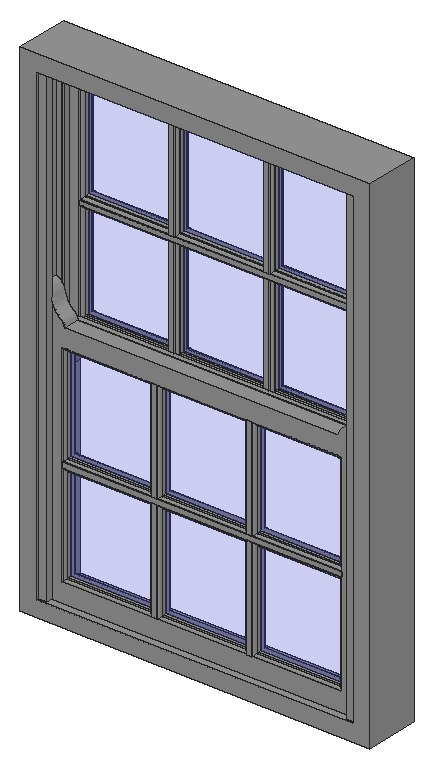
Revit family "HMEL2SP", category Windows, host Wall, Revit 2015
Parameters (values of type "HMEL2SP")
  Height = 1300 mm
  Default Lintel Height = 2100 mm
  Wall Closure = By host
  Width = 900 mm
Reference planes
  plane 1 "Center (Front/Back)": y = 0
  plane 2 "Center (Left/Right)": x = 0
  plane 3 "Left": x = -450
  plane 4 "Right": x = 450
  plane 5 "Sill": z = 800
  plane 6 "Head": z = 2100
  plane 7 "Exterior": y = 100
  plane 8 "Interior": y = -100
  plane 9: y = -28.5
  plane 10: y = 23.5
  plane 11: z = 1450
  plane 12: z = 1478.5
  plane 13: z = 1421.5
Forms (mm)
  Sweep 1, solid, material "Lauan, Meranti"
    path origin (-10500, 23.5, 2100) x (0, 0, -1) y (-1, 0, 0)
      loop
        line (0, -10950) -> (1300, -10950) -> (1300, -10050) -> (0, -10050) -> (0, -10950)
    profile origin (0, 23.5, 2100) x (0, 0, 1) y (0, 1, 0)
      loop
        line (0, 46.5) -> (-42, 46.5) -> (-42, -93.5) -> (0, -93.5) -> (0, 46.5)
  Sweep 2, solid, material "Lauan, Meranti"
    path origin (-10450, 31, 1912.5) x (0, 0, -1) y (-1, 0, 0)
      loop
        line (-145.5, -10858) -> (491, -10858) -> (491, -10042) -> (-145.5, -10042) -> (-145.5, -10858)
    profile origin (0, 31, 2058) x (0, 0, 1) y (0, 1, 0)
      loop
        line (-48, 18.5) -> (-48, -6.5) -> (-57, -6.5) -> (-57, -14.499) -> (-53.996, -14.499)
        arc (-53.996, -14.499) -> (-52.238, -18.744) -> (-47.994, -20.502) r 6.002
        line (-47.994, -20.502) -> (-47.994, -23.5) -> (0, -23.5) -> (0, 18.5) -> (-48, 18.5)
  Extrusion 3, solid, material "Lauan, Meranti"
    sketch origin (-10450, 7.5, 1912.5) x (0, 0, -1) y (-1, 0, 0)
      loop
        line (491, -10801) -> (491, -10858) -> (576, -10858)
        spline (576, -10858) -> (568.022, -10845.331) -> (558.494, -10838.581) -> (548.752, -10835.386) -> (540.116, -10833.399) -> (533.202, -10831.197) -> (527.644, -10828.636) -> (523.005, -10825.669) -> (518.783, -10822.149) -> (514.297, -10817.644) -> (508.83, -10811.691) -> (501.472, -10805.147) -> (491, -10801)
      loop
        spline (491, -10099) -> (501.472, -10094.853) -> (508.83, -10088.309) -> (514.297, -10082.356) -> (518.783, -10077.851) -> (523.005, -10074.331) -> (527.644, -10071.364) -> (533.202, -10068.803) -> (540.116, -10066.601) -> (548.752, -10064.614) -> (558.494, -10061.419) -> (568.022, -10054.669) -> (576, -10042)
        line (576, -10042) -> (491, -10042) -> (491, -10099)
    from 0 to 42
  Sweep 4, solid, material "Lauan, Meranti"
    path origin (-10450, 16, 1912.5) x (0, 0, -1) y (-1, 0, 0)
      loop
        line (434, -10858) -> (1070.5, -10858) -> (1070.5, -10042) -> (434, -10042) -> (434, -10858)
    profile origin (0, 16, 1478.5) x (0, 0, 1) y (0, 1, 0)
      loop
        line (0, -65.5) -> (0, -23.5) -> (-48, -23.5) -> (-48, -48.5) -> (-57, -48.5) -> (-57, -56.499) -> (-53.996, -56.499)
        arc (-53.996, -56.499) -> (-52.238, -60.744) -> (-47.994, -62.502) r 6.002
        line (-47.994, -62.502) -> (-47.994, -65.5) -> (0, -65.5)
  Extrusion 5, solid, material "Lauan, Meranti"
    sketch origin (95.571, 187.242, 1042) x (1, 0, 0) y (0, 1, 0)
      loop
        line (290.429, -194.742) -> (293.929, -194.742) -> (293.929, -187.742) -> (296.929, -187.742) -> (296.929, -194.742) -> (312.429, -194.742) -> (312.429, -182.742) -> (309.429, -182.742) -> (309.429, -179.742) -> (290.429, -179.742) -> (290.429, -194.742)
      loop
        line (290.429, -236.742) -> (290.429, -251.742) -> (309.429, -251.742) -> (309.429, -248.742) -> (312.429, -248.742) -> (312.429, -236.742) -> (296.929, -236.742) -> (296.929, -243.742) -> (293.929, -243.742) -> (293.929, -236.742) -> (290.429, -236.742)
      loop
        line (-481.571, -194.742) -> (-481.571, -179.742) -> (-500.571, -179.742) -> (-500.571, -182.742) -> (-503.571, -182.742) -> (-503.571, -194.742) -> (-488.071, -194.742) -> (-488.071, -187.742) -> (-485.071, -187.742) -> (-485.071, -194.742) -> (-481.571, -194.742)
      loop
        line (-481.571, -236.742) -> (-485.071, -236.742) -> (-485.071, -243.742) -> (-488.071, -243.742) -> (-488.071, -236.742) -> (-503.571, -236.742) -> (-503.571, -248.742) -> (-500.571, -248.742) -> (-500.571, -251.742) -> (-481.571, -251.742) -> (-481.571, -236.742)
    from -200 to 1016
  Extrusion 6, solid, material "Lauan, Meranti"
    sketch origin (-10450, -49.5, 987.5) x (0, 0, 1) y (1, 0, 0)
      loop
        spline (491, 10801) -> (501.472, 10805.147) -> (508.83, 10811.691) -> (514.297, 10817.644) -> (518.783, 10822.149) -> (523.005, 10825.669) -> (527.644, 10828.636) -> (533.202, 10831.197) -> (540.116, 10833.399) -> (548.752, 10835.386) -> (558.494, 10838.581) -> (568.022, 10845.331) -> (576, 10858)
        line (576, 10858) -> (491, 10858) -> (491, 10801)
      loop
        line (491, 10099) -> (491, 10042) -> (576, 10042)
        spline (576, 10042) -> (568.022, 10054.669) -> (558.494, 10061.419) -> (548.752, 10064.614) -> (540.116, 10066.601) -> (533.202, 10068.803) -> (527.644, 10071.364) -> (523.005, 10074.331) -> (518.783, 10077.851) -> (514.297, 10082.356) -> (508.83, 10088.309) -> (501.472, 10094.853) -> (491, 10099)
    from 0 to 42
  Extrusion 7, solid, material "Lauan, Meranti"
    sketch origin (-350, 0, -200) x (0, -1, 0) y (0, 0, 1)
      loop
        line (7.5, 1678.5) -> (-7.5, 1678.5) -> (-7.5, 1659.5) -> (-4.5, 1659.5) -> (-4.5, 1656.5) -> (7.5, 1656.5) -> (7.5, 1672) -> (0.5, 1672) -> (0.5, 1675) -> (7.5, 1675) -> (7.5, 1678.5)
    from 36 to -736
  Extrusion 8, solid, material "Lauan, Meranti"
    sketch origin (50, 26, 177.963) x (1, 0, 0) y (0, 1, 0)
      loop
        line (65.66, 23.5) -> (65.66, -1.5) -> (56.66, -1.5) -> (56.66, -9.5) -> (59.66, -9.5)
        arc (59.66, -9.5) -> (61.417, -13.743) -> (65.66, -15.5) r 6
        line (65.66, -15.5) -> (65.66, -18.5) -> (78.66, -18.5) -> (78.66, -15.5)
        arc (78.66, -15.5) -> (82.903, -13.743) -> (84.66, -9.5) r 6
        line (84.66, -9.5) -> (87.66, -9.5) -> (87.66, -1.5) -> (78.66, -1.5) -> (78.66, 23.5) -> (65.66, 23.5)
      loop
        line (-178.68, 23.5) -> (-178.68, -1.5) -> (-187.68, -1.5) -> (-187.68, -9.5) -> (-184.68, -9.5)
        arc (-184.68, -9.5) -> (-182.923, -13.743) -> (-178.68, -15.5) r 6
        line (-178.68, -15.5) -> (-178.68, -18.5) -> (-165.68, -18.5) -> (-165.68, -15.5)
        arc (-165.68, -15.5) -> (-161.437, -13.743) -> (-159.68, -9.5) r 6
        line (-159.68, -9.5) -> (-156.68, -9.5) -> (-156.68, -1.5) -> (-165.68, -1.5) -> (-165.68, 23.5) -> (-178.68, 23.5)
    from 1568.287 to 1832.037
  Extrusion 9, solid, material "Glass"
    sketch origin (-10450, 32, 2081.25) x (0, 0, -1) y (-1, 0, 0)
      loop
        line (71.25, -10810) -> (335, -10810) -> (335, -10578.66) -> (71.25, -10578.66) -> (71.25, -10810)
      loop
        line (71.25, -10565.66) -> (335, -10565.66) -> (335, -10334.32) -> (71.25, -10334.32) -> (71.25, -10565.66)
      loop
        line (71.25, -10321.32) -> (335, -10321.32) -> (335, -10090) -> (71.25, -10090) -> (71.25, -10321.32)
      loop
        line (348, -10810) -> (611.75, -10810) -> (611.75, -10578.66) -> (348, -10578.66) -> (348, -10810)
      loop
        line (348, -10565.66) -> (611.75, -10565.66) -> (611.75, -10334.32) -> (348, -10334.32) -> (348, -10565.66)
      loop
        line (348, -10321.32) -> (611.75, -10321.32) -> (611.75, -10090) -> (348, -10090) -> (348, -10321.32)
    from 0 to 6.4
  Sweep 10, solid, material "Lauan, Meranti"
    path origin (76.75, 115, -161.401) x (1, 0, 0) y (0, 0, 1)
      loop
        line (283.25, 2171.401) -> (51.91, 2171.401) -> (51.91, 1907.651) -> (283.25, 1907.651) -> (283.25, 2171.401)
    profile origin (244.33, 115, 2010) x (0, 0, -1) y (0, -1, 0)
      loop
        arc (0, 68.6) -> (4.67, 70.234) -> (7, 74.6) r 6.807
        line (7, 74.6) -> (9, 74.6) -> (9, 76.6) -> (0, 76.6) -> (0, 68.6)
  Sweep 11, solid, material "Lauan, Meranti"
    path origin (-134.25, 115, -161.401) x (1, 0, 0) y (0, 0, 1)
      loop
        line (249.91, 2171.401) -> (18.57, 2171.401) -> (18.57, 1907.651) -> (249.91, 1907.651) -> (249.91, 2171.401)
    profile origin (-0.01, 115, 2010) x (0, 0, -1) y (0, -1, 0)
      loop
        arc (0, 68.6) -> (4.67, 70.234) -> (7, 74.6) r 6.807
        line (7, 74.6) -> (9, 74.6) -> (9, 76.6) -> (0, 76.6) -> (0, 68.6)
  Sweep 12, solid, material "Lauan, Meranti"
    path origin (-345.25, 115, -161.401) x (1, 0, 0) y (0, 0, 1)
      loop
        line (216.57, 2171.401) -> (-14.75, 2171.401) -> (-14.75, 1907.651) -> (216.57, 1907.651) -> (216.57, 2171.401)
    profile origin (-244.34, 115, 2010) x (0, 0, -1) y (0, -1, 0)
      loop
        arc (0, 68.6) -> (4.67, 70.234) -> (7, 74.6) r 6.807
        line (7, 74.6) -> (9, 74.6) -> (9, 76.6) -> (0, 76.6) -> (0, 68.6)
  Extrusion 13, solid, material "Lauan, Meranti"
    sketch origin (1545.5, 26, 1739.75) x (0, 0, 1) y (0, 1, 0)
      loop
        line (-6.5, 23.5) -> (-6.5, -1.5) -> (-15.5, -1.5) -> (-15.5, -9.5) -> (-12.5, -9.5)
        arc (-12.5, -9.5) -> (-10.743, -13.743) -> (-6.5, -15.5) r 6
        line (-6.5, -15.5) -> (-6.5, -18.5) -> (6.5, -18.5) -> (6.5, -15.5)
        arc (6.5, -15.5) -> (10.743, -13.743) -> (12.5, -9.5) r 6
        line (12.5, -9.5) -> (15.5, -9.5) -> (15.5, -1.5) -> (6.5, -1.5) -> (6.5, 23.5) -> (-6.5, 23.5)
    from 1185.5 to 1905.5
  Sweep 14, solid, material "Lauan, Meranti"
    path origin (76.75, 115, -419.401) x (1, 0, 0) y (0, 0, 1)
      loop
        line (283.25, 2152.651) -> (51.91, 2152.651) -> (51.91, 1888.901) -> (283.25, 1888.901) -> (283.25, 2152.651)
    profile origin (244.33, 115, 1733.25) x (0, 0, -1) y (0, -1, 0)
      loop
        arc (0, 68.6) -> (4.67, 70.234) -> (7, 74.6) r 6.807
        line (7, 74.6) -> (9, 74.6) -> (9, 76.6) -> (0, 76.6) -> (0, 68.6)
  Sweep 15, solid, material "Lauan, Meranti"
    path origin (-134.25, 115, -419.401) x (1, 0, 0) y (0, 0, 1)
      loop
        line (249.91, 2152.651) -> (18.57, 2152.651) -> (18.57, 1888.901) -> (249.91, 1888.901) -> (249.91, 2152.651)
    profile origin (-0.01, 115, 1733.25) x (0, 0, -1) y (0, -1, 0)
      loop
        arc (0, 68.6) -> (4.67, 70.234) -> (7, 74.6) r 6.807
        line (7, 74.6) -> (9, 74.6) -> (9, 76.6) -> (0, 76.6) -> (0, 68.6)
  Sweep 16, solid, material "Lauan, Meranti"
    path origin (-345.25, 115, -419.401) x (1, 0, 0) y (0, 0, 1)
      loop
        line (216.57, 2152.651) -> (-14.75, 2152.651) -> (-14.75, 1888.901) -> (216.57, 1888.901) -> (216.57, 2152.651)
    profile origin (-244.34, 115, 1733.25) x (0, 0, -1) y (0, -1, 0)
      loop
        arc (0, 68.6) -> (4.67, 70.234) -> (7, 74.6) r 6.807
        line (7, 74.6) -> (9, 74.6) -> (9, 76.6) -> (0, 76.6) -> (0, 68.6)
  Extrusion 17, solid, material "Lauan, Meranti"
    sketch origin (50, 26, -105.037) x (1, 0, 0) y (0, 1, 0)
      loop
        line (65.66, 23.5) -> (65.66, -1.5) -> (56.66, -1.5) -> (56.66, -9.5) -> (59.66, -9.5)
        arc (59.66, -9.5) -> (61.417, -13.743) -> (65.66, -15.5) r 6
        line (65.66, -15.5) -> (65.66, -18.5) -> (78.66, -18.5) -> (78.66, -15.5)
        arc (78.66, -15.5) -> (82.903, -13.743) -> (84.66, -9.5) r 6
        line (84.66, -9.5) -> (87.66, -9.5) -> (87.66, -1.5) -> (78.66, -1.5) -> (78.66, 23.5) -> (65.66, 23.5)
      loop
        line (-178.68, 23.5) -> (-178.68, -1.5) -> (-187.68, -1.5) -> (-187.68, -9.5) -> (-184.68, -9.5)
        arc (-184.68, -9.5) -> (-182.923, -13.743) -> (-178.68, -15.5) r 6
        line (-178.68, -15.5) -> (-178.68, -18.5) -> (-165.68, -18.5) -> (-165.68, -15.5)
        arc (-165.68, -15.5) -> (-161.437, -13.743) -> (-159.68, -9.5) r 6
        line (-159.68, -9.5) -> (-156.68, -9.5) -> (-156.68, -1.5) -> (-165.68, -1.5) -> (-165.68, 23.5) -> (-178.68, 23.5)
    from 1574.537 to 1838.287
  Extrusion 18, solid, material "Lauan, Meranti"
    sketch origin (50, -31, -401.537) x (1, 0, 0) y (0, 1, 0)
      loop
        line (65.66, 23.5) -> (65.66, -1.5) -> (56.66, -1.5) -> (56.66, -9.5) -> (59.66, -9.5)
        arc (59.66, -9.5) -> (61.417, -13.743) -> (65.66, -15.5) r 6
        line (65.66, -15.5) -> (65.66, -18.5) -> (78.66, -18.5) -> (78.66, -15.5)
        arc (78.66, -15.5) -> (82.903, -13.743) -> (84.66, -9.5) r 6
        line (84.66, -9.5) -> (87.66, -9.5) -> (87.66, -1.5) -> (78.66, -1.5) -> (78.66, 23.5) -> (65.66, 23.5)
      loop
        line (-178.68, 23.5) -> (-178.68, -1.5) -> (-187.68, -1.5) -> (-187.68, -9.5) -> (-184.68, -9.5)
        arc (-184.68, -9.5) -> (-182.923, -13.743) -> (-178.68, -15.5) r 6
        line (-178.68, -15.5) -> (-178.68, -18.5) -> (-165.68, -18.5) -> (-165.68, -15.5)
        arc (-165.68, -15.5) -> (-161.437, -13.743) -> (-159.68, -9.5) r 6
        line (-159.68, -9.5) -> (-156.68, -9.5) -> (-156.68, -1.5) -> (-165.68, -1.5) -> (-165.68, 23.5) -> (-178.68, 23.5)
    from 1568.287 to 1832.037
  Extrusion 19, solid, material "Glass"
    sketch origin (-10450, -25, 1501.75) x (0, 0, -1) y (-1, 0, 0)
      loop
        line (71.25, -10810) -> (335, -10810) -> (335, -10578.66) -> (71.25, -10578.66) -> (71.25, -10810)
      loop
        line (71.25, -10565.66) -> (335, -10565.66) -> (335, -10334.32) -> (71.25, -10334.32) -> (71.25, -10565.66)
      loop
        line (71.25, -10321.32) -> (335, -10321.32) -> (335, -10090) -> (71.25, -10090) -> (71.25, -10321.32)
      loop
        line (348, -10810) -> (611.75, -10810) -> (611.75, -10578.66) -> (348, -10578.66) -> (348, -10810)
      loop
        line (348, -10565.66) -> (611.75, -10565.66) -> (611.75, -10334.32) -> (348, -10334.32) -> (348, -10565.66)
      loop
        line (348, -10321.32) -> (611.75, -10321.32) -> (611.75, -10090) -> (348, -10090) -> (348, -10321.32)
    from 0 to 6.4
  Sweep 20, solid, material "Lauan, Meranti"
    path origin (76.75, 58, -740.901) x (1, 0, 0) y (0, 0, 1)
      loop
        line (283.25, 2171.401) -> (51.91, 2171.401) -> (51.91, 1907.651) -> (283.25, 1907.651) -> (283.25, 2171.401)
    profile origin (244.33, 58, 1430.5) x (0, 0, -1) y (0, -1, 0)
      loop
        arc (0, 68.6) -> (4.67, 70.234) -> (7, 74.6) r 6.807
        line (7, 74.6) -> (9, 74.6) -> (9, 76.6) -> (0, 76.6) -> (0, 68.6)
  Sweep 21, solid, material "Lauan, Meranti"
    path origin (-134.25, 58, -740.901) x (1, 0, 0) y (0, 0, 1)
      loop
        line (249.91, 2171.401) -> (18.57, 2171.401) -> (18.57, 1907.651) -> (249.91, 1907.651) -> (249.91, 2171.401)
    profile origin (-0.01, 58, 1430.5) x (0, 0, -1) y (0, -1, 0)
      loop
        arc (0, 68.6) -> (4.67, 70.234) -> (7, 74.6) r 6.807
        line (7, 74.6) -> (9, 74.6) -> (9, 76.6) -> (0, 76.6) -> (0, 68.6)
  Sweep 22, solid, material "Lauan, Meranti"
    path origin (-345.25, 58, -740.901) x (1, 0, 0) y (0, 0, 1)
      loop
        line (216.57, 2171.401) -> (-14.75, 2171.401) -> (-14.75, 1907.651) -> (216.57, 1907.651) -> (216.57, 2171.401)
    profile origin (-244.34, 58, 1430.5) x (0, 0, -1) y (0, -1, 0)
      loop
        arc (0, 68.6) -> (4.67, 70.234) -> (7, 74.6) r 6.807
        line (7, 74.6) -> (9, 74.6) -> (9, 76.6) -> (0, 76.6) -> (0, 68.6)
  Extrusion 23, solid, material "Lauan, Meranti"
    sketch origin (1545.5, -31, 1160.25) x (0, 0, 1) y (0, 1, 0)
      loop
        line (-6.5, 23.5) -> (-6.5, -1.5) -> (-15.5, -1.5) -> (-15.5, -9.5) -> (-12.5, -9.5)
        arc (-12.5, -9.5) -> (-10.743, -13.743) -> (-6.5, -15.5) r 6
        line (-6.5, -15.5) -> (-6.5, -18.5) -> (6.5, -18.5) -> (6.5, -15.5)
        arc (6.5, -15.5) -> (10.743, -13.743) -> (12.5, -9.5) r 6
        line (12.5, -9.5) -> (15.5, -9.5) -> (15.5, -1.5) -> (6.5, -1.5) -> (6.5, 23.5) -> (-6.5, 23.5)
    from 1185.5 to 1905.5
  Sweep 24, solid, material "Lauan, Meranti"
    path origin (76.75, 58, -998.901) x (1, 0, 0) y (0, 0, 1)
      loop
        line (283.25, 2152.651) -> (51.91, 2152.651) -> (51.91, 1888.901) -> (283.25, 1888.901) -> (283.25, 2152.651)
    profile origin (244.33, 58, 1153.75) x (0, 0, -1) y (0, -1, 0)
      loop
        arc (0, 68.6) -> (4.67, 70.234) -> (7, 74.6) r 6.807
        line (7, 74.6) -> (9, 74.6) -> (9, 76.6) -> (0, 76.6) -> (0, 68.6)
  Sweep 25, solid, material "Lauan, Meranti"
    path origin (-134.25, 58, -998.901) x (1, 0, 0) y (0, 0, 1)
      loop
        line (249.91, 2152.651) -> (18.57, 2152.651) -> (18.57, 1888.901) -> (249.91, 1888.901) -> (249.91, 2152.651)
    profile origin (-0.01, 58, 1153.75) x (0, 0, -1) y (0, -1, 0)
      loop
        arc (0, 68.6) -> (4.67, 70.234) -> (7, 74.6) r 6.807
        line (7, 74.6) -> (9, 74.6) -> (9, 76.6) -> (0, 76.6) -> (0, 68.6)
  Sweep 26, solid, material "Lauan, Meranti"
    path origin (-345.25, 58, -998.901) x (1, 0, 0) y (0, 0, 1)
      loop
        line (216.57, 2152.651) -> (-14.75, 2152.651) -> (-14.75, 1888.901) -> (216.57, 1888.901) -> (216.57, 2152.651)
    profile origin (-244.34, 58, 1153.75) x (0, 0, -1) y (0, -1, 0)
      loop
        arc (0, 68.6) -> (4.67, 70.234) -> (7, 74.6) r 6.807
        line (7, 74.6) -> (9, 74.6) -> (9, 76.6) -> (0, 76.6) -> (0, 68.6)
  Extrusion 27, solid, material "Lauan, Meranti"
    sketch origin (50, -31, -684.537) x (1, 0, 0) y (0, 1, 0)
      loop
        line (65.66, 23.5) -> (65.66, -1.5) -> (56.66, -1.5) -> (56.66, -9.5) -> (59.66, -9.5)
        arc (59.66, -9.5) -> (61.417, -13.743) -> (65.66, -15.5) r 6
        line (65.66, -15.5) -> (65.66, -18.5) -> (78.66, -18.5) -> (78.66, -15.5)
        arc (78.66, -15.5) -> (82.903, -13.743) -> (84.66, -9.5) r 6
        line (84.66, -9.5) -> (87.66, -9.5) -> (87.66, -1.5) -> (78.66, -1.5) -> (78.66, 23.5) -> (65.66, 23.5)
      loop
        line (-178.68, 23.5) -> (-178.68, -1.5) -> (-187.68, -1.5) -> (-187.68, -9.5) -> (-184.68, -9.5)
        arc (-184.68, -9.5) -> (-182.923, -13.743) -> (-178.68, -15.5) r 6
        line (-178.68, -15.5) -> (-178.68, -18.5) -> (-165.68, -18.5) -> (-165.68, -15.5)
        arc (-165.68, -15.5) -> (-161.437, -13.743) -> (-159.68, -9.5) r 6
        line (-159.68, -9.5) -> (-156.68, -9.5) -> (-156.68, -1.5) -> (-165.68, -1.5) -> (-165.68, 23.5) -> (-178.68, 23.5)
    from 1574.537 to 1838.287
Cuts and joins
  joined: Sweep 4, Extrusion 6
  joined: Sweep 2, Extrusion 3
Lines and regions (mm)
  Opening 1
    outline origin (3500, -100, 0) x (1, 0, 0) y (0, 0, 1)
      loop
        line (-3050, 800) -> (-3050, 2100) -> (-3950, 2100) -> (-3950, 800) -> (-3050, 800)
  model lines
    curve 1: line (408, 49.5, 2058) -> (0, 49.5, 1421.5)
    curve 2: line (-408, 49.5, 2058) -> (0, 49.5, 1421.5)
    curve 3: line (-244.34, 49.5, 949.922) -> (-244.34, 49.5, 1229.922)
    curve 4: line (-244.34, 49.5, 1369) -> (-188.149, 49.5, 1229.922)
    curve 5: line (-188.149, 49.5, 1229.922) -> (-300.531, 49.5, 1229.922)
    curve 6: line (-244.34, 49.5, 1369) -> (-300.531, 49.5, 1229.922)
Text (mm)
  text "EXTERIOR" at (-1963.203, 1332.353, 0), in view "Ref. Level"
  text "INTERIOR" at (-1981.466, -818.386, 0), in view "Ref. Level"
  text "Exterior" at (0, 923.751, 2943.296), in view "Right"
  text "Exterior" at (0, 1040.484, 2685.409), in view "Left"
Dimensions and locks
  equal spacing: plane 3 "Left", plane 2 "Center (Left/Right)", plane 4 "Right"
  "Width": plane 3 "Left" to plane 4 "Right"
  "Height": plane 5 "Sill" to plane 6 "Head"
  "Default Lintel Height": plane 6 "Head" to level
  locked: plane 7 "Exterior" to host wall at 0
  locked: plane 8 "Interior" to host wall
  locked: plane 10 to plane 9 at 52
  plane 3 "Left" to plane 4 "Right" = 900 mm
  aligned and locked: Sweep 1 sketch curve to host wall  (x4)
  aligned and locked: Extrusion 7 to Extrusion 5
  aligned and locked: Sweep 4 sketch curve to Sweep 1
  aligned and locked: Sweep 1 to Sweep 4 sketch curve
  aligned and locked: Sweep 1 to Sweep 2 sketch curve
  aligned and locked: Sweep 2 sketch curve to Sweep 1
  aligned and locked: Extrusion 5 to Sweep 1  (x2)
  aligned and locked: Extrusion 9 sketch curve to Extrusion 8  (x5)
  aligned and locked: Extrusion 8 to Extrusion 9 sketch curve
  aligned and locked: Extrusion 9 sketch curve to Extrusion 13  (x2)
  aligned and locked: Extrusion 9 sketch curve to Extrusion 17  (x6)
  aligned and locked: Sweep 10 sketch curve to Extrusion 8
  aligned and locked: Sweep 10 sketch curve to Extrusion 9
  aligned and locked: Sweep 11 sketch curve to Extrusion 8  (x2)
  aligned and locked: Sweep 11 sketch curve to Extrusion 9
  aligned and locked: Sweep 12 sketch curve to Extrusion 8
  aligned and locked: Sweep 14 sketch curve to Extrusion 9  (x2)
  aligned and locked: Sweep 15 sketch curve to Extrusion 9  (x2)
  aligned and locked: Extrusion 9 to Sweep 15 sketch curve
  aligned and locked: Extrusion 9 to Sweep 16 sketch curve
  aligned and locked: Sweep 16 sketch curve to Extrusion 9
  aligned and locked: Extrusion 19 sketch curve to Extrusion 18  (x5)
  aligned and locked: Extrusion 18 to Extrusion 19 sketch curve
  aligned and locked: Extrusion 19 sketch curve to Extrusion 23  (x2)
  aligned and locked: Extrusion 19 sketch curve to Extrusion 27  (x6)
  aligned and locked: Sweep 20 sketch curve to Extrusion 18
  aligned and locked: Sweep 20 sketch curve to Extrusion 19
  aligned and locked: Sweep 21 sketch curve to Extrusion 18  (x2)
  aligned and locked: Sweep 21 sketch curve to Extrusion 19
  aligned and locked: Sweep 22 sketch curve to Extrusion 18
  aligned and locked: Sweep 24 sketch curve to Extrusion 19  (x2)
  aligned and locked: Sweep 25 sketch curve to Extrusion 19  (x2)
  aligned and locked: Extrusion 19 to Sweep 25 sketch curve
  aligned and locked: Extrusion 19 to Sweep 26 sketch curve
  aligned and locked: Sweep 26 sketch curve to Extrusion 19
Automatic sketch dimensions
  plane 3 "Left" to Opening 1 sketch curve = 0 mm
  plane 4 "Right" to Opening 1 sketch curve = 0 mm
  Opening 1 sketch curve to plane 5 "Sill" = 0 mm
  Opening 1 sketch curve to plane 6 "Head" = 0 mm
  profile plane to Sweep 1 sketch curve = 0 mm
  profile plane to Sweep 1 sketch curve = 42 mm
  Sweep 1 sketch curve to plane 10 = 93.5 mm
  plane 10 to Sweep 1 sketch curve = 46.5 mm
  plane 2 "Center (Left/Right)" to curve 1 = 0 mm
  curve 1 to plane 13 = 0 mm
  plane 2 "Center (Left/Right)" to curve 5 = 188.149 mm
  plane 13 to curve 4 = 52.5 mm
  curve 4 to curve 4 = 56.191 mm
  curve 6 to curve 4 = 112.382 mm
  curve 5 to curve 4 = 139.078 mm
  curve 3 to plane 3 "Left" = 205.66 mm
  curve 2 to plane 3 "Left" = 42 mm
  plane 4 "Right" to curve 1 = 42 mm
  curve 3 to plane 5 "Sill" = 149.922 mm
  plane 6 "Head" to curve 1 = 42 mm
  plane 6 "Head" to curve 2 = 42 mm
  Sweep 2 sketch curve to plane 13 = 0 mm
  plane 4 "Right" to Sweep 2 sketch curve = 42 mm
  profile plane to Sweep 2 sketch curve = 0 mm
  Sweep 2 sketch curve to profile plane = 23.5 mm
  profile plane to Sweep 2 sketch curve = 47.994 mm
  Sweep 2 sketch curve to Sweep 2 sketch curve = 0.006 mm
  Sweep 2 sketch curve to Sweep 2 sketch curve = 6.002 mm
  Sweep 2 sketch curve to Sweep 2 sketch curve = 3.004 mm
  Sweep 2 sketch curve to Sweep 2 sketch curve = 2.998 mm
  Sweep 2 sketch curve to profile plane = 6.5 mm
  profile plane to Sweep 2 sketch curve = 18.5 mm
  Extrusion 3 sketch curve to plane 13 = 0 mm  (x2)
  Extrusion 3 sketch curve to plane 3 "Left" = 42 mm
  Extrusion 3 sketch curve to Extrusion 3 sketch curve = 85 mm
  plane 4 "Right" to Extrusion 3 sketch curve = 42 mm
  plane 13 to Extrusion 3 sketch curve = 85 mm
  Extrusion 3 sketch curve to Extrusion 3 sketch curve = 57 mm  (x2)
  Sweep 4 sketch curve to plane 12 = 0 mm
  plane 4 "Right" to Sweep 4 sketch curve = 42 mm
  profile plane to Sweep 4 sketch curve = 0 mm
  profile plane to Sweep 4 sketch curve = 47.994 mm
  Sweep 4 sketch curve to Sweep 4 sketch curve = 0.006 mm
  Sweep 4 sketch curve to Sweep 4 sketch curve = 6.002 mm
  Sweep 4 sketch curve to Sweep 4 sketch curve = 3.004 mm
  Sweep 4 sketch curve to profile plane = 65.5 mm
  Sweep 4 sketch curve to Sweep 4 sketch curve = 2.998 mm
  Sweep 4 sketch curve to Sweep 4 sketch curve = 7.999 mm
  Sweep 4 sketch curve to profile plane = 23.5 mm
  Extrusion 5 sketch curve to plane 3 "Left" = 42 mm  (x2)
  host wall to Extrusion 5 sketch curve = 7.5 mm  (x2)
  Extrusion 5 sketch curve to Extrusion 5 sketch curve = 3 mm  (x11)
  Extrusion 5 sketch curve to Extrusion 5 sketch curve = 15.5 mm  (x2)
  host wall to Extrusion 5 sketch curve = 0.5 mm  (x2)
  Extrusion 5 sketch curve to Extrusion 5 sketch curve = 3.5 mm  (x4)
  plane 4 "Right" to Extrusion 5 sketch curve = 64 mm
  Extrusion 5 sketch curve to plane 9 = 21 mm
  Extrusion 5 sketch curve to Extrusion 5 sketch curve = 0 mm  (x4)
  Extrusion 5 sketch curve to Extrusion 5 sketch curve = 12.5 mm  (x2)
  Extrusion 5 sketch curve to host wall = 4.5 mm  (x2)
  Extrusion 5 sketch curve to Extrusion 5 sketch curve = 7 mm  (x2)
  Extrusion 5 sketch curve to plane 9 = 28 mm
  Extrusion 5 sketch curve to Extrusion 5 sketch curve = 5 mm  (x2)
  Extrusion 5 sketch curve to Extrusion 5 sketch curve = 12 mm
  Extrusion 5 sketch curve to host wall = 7.5 mm
  Extrusion 6 sketch curve to plane 12 = 0 mm  (x2)
  Extrusion 6 sketch curve to plane 3 "Left" = 42 mm
  Extrusion 6 sketch curve to Extrusion 6 sketch curve = 85 mm  (x2)
  plane 4 "Right" to Extrusion 6 sketch curve = 42 mm
  Extrusion 6 sketch curve to Extrusion 6 sketch curve = 57 mm  (x2)
  Extrusion 7 sketch curve to plane 12 = 0 mm
  Extrusion 7 sketch curve to host wall = 7.5 mm
  Extrusion 7 sketch curve to Extrusion 7 sketch curve = 3 mm  (x2)
  host wall to Extrusion 7 sketch curve = 0.5 mm
  Extrusion 7 sketch curve to Extrusion 7 sketch curve = 7 mm
  host wall to Extrusion 7 sketch curve = 7.5 mm
  Extrusion 7 sketch curve to plane 12 = 3.5 mm
  plane 11 to Extrusion 7 sketch curve = 9.5 mm
  plane 11 to Extrusion 7 sketch curve = 6.5 mm
  plane 10 to Extrusion 8 sketch curve = 1 mm  (x4)
  plane 2 "Center (Left/Right)" to Extrusion 8 sketch curve = 137.68 mm
  Extrusion 8 sketch curve to Extrusion 8 sketch curve = 3 mm  (x8)
  Extrusion 8 sketch curve to Extrusion 8 sketch curve = 9 mm  (x2)
  Extrusion 8 sketch curve to Extrusion 8 sketch curve = 6 mm  (x4)
  Extrusion 8 sketch curve to Extrusion 8 sketch curve = 13 mm  (x4)
  Extrusion 8 sketch curve to plane 10 = 7 mm
  Extrusion 8 sketch curve to plane 2 "Center (Left/Right)" = 106.66 mm
  Extrusion 8 sketch curve to host wall = 10.5 mm
  Extrusion 8 sketch curve to Extrusion 8 sketch curve = 25 mm  (x2)
  plane 6 "Head" to Extrusion 9 sketch curve = 90 mm  (x2)
  Extrusion 9 sketch curve to Extrusion 9 sketch curve = 0 mm  (x3)
  Extrusion 9 sketch curve to plane 12 = 9 mm  (x3)
  plane 4 "Right" to Extrusion 9 sketch curve = 90 mm
  Extrusion 9 sketch curve to plane 3 "Left" = 90 mm
  plane 4 "Right" to Sweep 10 sketch curve = 90 mm
  plane 6 "Head" to Sweep 10 sketch curve = 90 mm
  Sweep 10 sketch curve to profile plane = 0 mm
  Sweep 10 sketch curve to profile plane = 0.241 mm
  Sweep 10 sketch curve to Sweep 10 sketch curve = 6.759 mm
  Sweep 10 sketch curve to Sweep 10 sketch curve = 2 mm  (x2)
  profile plane to Sweep 10 sketch curve = 68.6 mm
  Sweep 10 sketch curve to Sweep 10 sketch curve = 6 mm
  plane 6 "Head" to Sweep 11 sketch curve = 90 mm
  Sweep 11 sketch curve to profile plane = 0 mm
  Sweep 11 sketch curve to profile plane = 0.241 mm
  Sweep 11 sketch curve to Sweep 11 sketch curve = 6.759 mm
  Sweep 11 sketch curve to Sweep 11 sketch curve = 2 mm  (x2)
  profile plane to Sweep 11 sketch curve = 68.6 mm
  Sweep 11 sketch curve to Sweep 11 sketch curve = 6 mm
  Sweep 12 sketch curve to plane 3 "Left" = 90 mm
  plane 12 to Sweep 12 sketch curve = 267.75 mm
  plane 6 "Head" to Sweep 12 sketch curve = 90 mm
  Sweep 12 sketch curve to profile plane = 0 mm
  Sweep 12 sketch curve to profile plane = 0.241 mm
  Sweep 12 sketch curve to Sweep 12 sketch curve = 6.759 mm
  Sweep 12 sketch curve to Sweep 12 sketch curve = 2 mm  (x2)
  profile plane to Sweep 12 sketch curve = 68.6 mm
  Sweep 12 sketch curve to Sweep 12 sketch curve = 6 mm
  Extrusion 13 sketch curve to plane 10 = 7 mm
  plane 12 to Extrusion 13 sketch curve = 245.75 mm
  Extrusion 13 sketch curve to Extrusion 13 sketch curve = 3 mm  (x3)
  plane 10 to Extrusion 13 sketch curve = 1 mm  (x2)
  Extrusion 13 sketch curve to Extrusion 13 sketch curve = 9 mm
  Extrusion 13 sketch curve to Extrusion 13 sketch curve = 6 mm  (x2)
  Extrusion 13 sketch curve to Extrusion 13 sketch curve = 13 mm  (x2)
  Extrusion 13 sketch curve to host wall = 10.5 mm
  Extrusion 13 sketch curve to Extrusion 13 sketch curve = 25 mm
  Sweep 14 sketch curve to plane 12 = 9 mm
  plane 4 "Right" to Sweep 14 sketch curve = 90 mm
  Sweep 14 sketch curve to profile plane = 0 mm
  Sweep 14 sketch curve to profile plane = 0.241 mm
  Sweep 14 sketch curve to Sweep 14 sketch curve = 6.759 mm
  Sweep 14 sketch curve to Sweep 14 sketch curve = 2 mm  (x2)
  profile plane to Sweep 14 sketch curve = 68.6 mm
  Sweep 14 sketch curve to Sweep 14 sketch curve = 6 mm
  Sweep 15 sketch curve to plane 12 = 9 mm
  Sweep 15 sketch curve to profile plane = 0 mm
  Sweep 15 sketch curve to profile plane = 0.241 mm
  Sweep 15 sketch curve to Sweep 15 sketch curve = 6.759 mm
  Sweep 15 sketch curve to Sweep 15 sketch curve = 2 mm  (x2)
  profile plane to Sweep 15 sketch curve = 68.6 mm
  Sweep 15 sketch curve to Sweep 15 sketch curve = 6 mm
  Sweep 16 sketch curve to plane 12 = 9 mm
  Sweep 16 sketch curve to plane 3 "Left" = 90 mm
  Sweep 16 sketch curve to profile plane = 0 mm
  Sweep 16 sketch curve to profile plane = 0.241 mm
  Sweep 16 sketch curve to Sweep 16 sketch curve = 6.759 mm
  Sweep 16 sketch curve to Sweep 16 sketch curve = 2 mm  (x2)
  profile plane to Sweep 16 sketch curve = 68.6 mm
  Sweep 16 sketch curve to Sweep 16 sketch curve = 6 mm
  plane 10 to Extrusion 17 sketch curve = 1 mm  (x4)
  plane 2 "Center (Left/Right)" to Extrusion 17 sketch curve = 137.68 mm
  Extrusion 17 sketch curve to Extrusion 17 sketch curve = 3 mm  (x8)
  Extrusion 17 sketch curve to Extrusion 17 sketch curve = 9 mm  (x2)
  Extrusion 17 sketch curve to Extrusion 17 sketch curve = 6 mm  (x4)
  Extrusion 17 sketch curve to Extrusion 17 sketch curve = 13 mm  (x4)
  Extrusion 17 sketch curve to plane 10 = 7 mm
  Extrusion 17 sketch curve to plane 2 "Center (Left/Right)" = 106.66 mm
  Extrusion 17 sketch curve to host wall = 10.5 mm
  Extrusion 17 sketch curve to Extrusion 17 sketch curve = 25 mm  (x2)
  Extrusion 18 sketch curve to plane 9 = 4 mm  (x4)
  plane 2 "Center (Left/Right)" to Extrusion 18 sketch curve = 137.68 mm
  Extrusion 18 sketch curve to Extrusion 18 sketch curve = 3 mm  (x8)
  host wall to Extrusion 18 sketch curve = 7.5 mm  (x2)
  Extrusion 18 sketch curve to Extrusion 18 sketch curve = 9 mm  (x2)
  Extrusion 18 sketch curve to Extrusion 18 sketch curve = 6 mm  (x4)
  Extrusion 18 sketch curve to Extrusion 18 sketch curve = 13 mm  (x4)
  Extrusion 18 sketch curve to plane 9 = 12 mm
  Extrusion 18 sketch curve to plane 2 "Center (Left/Right)" = 106.66 mm
  Extrusion 18 sketch curve to plane 9 = 18 mm
  Extrusion 19 sketch curve to plane 13 = 9 mm  (x3)
  Extrusion 19 sketch curve to plane 5 "Sill" = 90 mm
  Extrusion 19 sketch curve to Extrusion 19 sketch curve = 0 mm  (x4)
  plane 4 "Right" to Extrusion 19 sketch curve = 90 mm
  Extrusion 19 sketch curve to plane 3 "Left" = 90 mm
  plane 4 "Right" to Sweep 20 sketch curve = 90 mm
  Sweep 20 sketch curve to plane 13 = 9 mm
  Sweep 20 sketch curve to profile plane = 0 mm
  Sweep 20 sketch curve to profile plane = 0.241 mm
  Sweep 20 sketch curve to Sweep 20 sketch curve = 6.759 mm
  Sweep 20 sketch curve to Sweep 20 sketch curve = 2 mm  (x2)
  profile plane to Sweep 20 sketch curve = 68.6 mm
  Sweep 20 sketch curve to Sweep 20 sketch curve = 6 mm
  Sweep 21 sketch curve to plane 13 = 9 mm
  Sweep 21 sketch curve to profile plane = 0 mm
  Sweep 21 sketch curve to profile plane = 0.241 mm
  Sweep 21 sketch curve to Sweep 21 sketch curve = 6.759 mm
  Sweep 21 sketch curve to Sweep 21 sketch curve = 2 mm  (x2)
  profile plane to Sweep 21 sketch curve = 68.6 mm
  Sweep 21 sketch curve to Sweep 21 sketch curve = 6 mm
  Sweep 22 sketch curve to plane 3 "Left" = 90 mm
  plane 13 to Sweep 22 sketch curve = 254.75 mm
  Sweep 22 sketch curve to plane 13 = 9 mm
  Sweep 22 sketch curve to profile plane = 0 mm
  Sweep 22 sketch curve to profile plane = 0.241 mm
  Sweep 22 sketch curve to Sweep 22 sketch curve = 6.759 mm
  Sweep 22 sketch curve to Sweep 22 sketch curve = 2 mm  (x2)
  profile plane to Sweep 22 sketch curve = 68.6 mm
  Sweep 22 sketch curve to Sweep 22 sketch curve = 6 mm
  Extrusion 23 sketch curve to plane 9 = 12 mm
  plane 13 to Extrusion 23 sketch curve = 276.75 mm
  Extrusion 23 sketch curve to Extrusion 23 sketch curve = 3 mm  (x3)
  Extrusion 23 sketch curve to plane 9 = 4 mm  (x2)
  Extrusion 23 sketch curve to Extrusion 23 sketch curve = 9 mm
  Extrusion 23 sketch curve to Extrusion 23 sketch curve = 6 mm  (x2)
  Extrusion 23 sketch curve to Extrusion 23 sketch curve = 13 mm  (x2)
  Extrusion 23 sketch curve to Extrusion 23 sketch curve = 0 mm
  host wall to Extrusion 23 sketch curve = 7.5 mm
  plane 4 "Right" to Sweep 24 sketch curve = 90 mm
  Sweep 24 sketch curve to plane 5 "Sill" = 90 mm
  Sweep 24 sketch curve to profile plane = 0 mm
  Sweep 24 sketch curve to profile plane = 0.241 mm
  Sweep 24 sketch curve to Sweep 24 sketch curve = 6.759 mm
  Sweep 24 sketch curve to Sweep 24 sketch curve = 2 mm  (x2)
  profile plane to Sweep 24 sketch curve = 68.6 mm
  Sweep 24 sketch curve to Sweep 24 sketch curve = 6 mm
  Sweep 25 sketch curve to plane 5 "Sill" = 90 mm
  Sweep 25 sketch curve to profile plane = 0 mm
  Sweep 25 sketch curve to profile plane = 0.241 mm
  Sweep 25 sketch curve to Sweep 25 sketch curve = 6.759 mm
  Sweep 25 sketch curve to Sweep 25 sketch curve = 2 mm  (x2)
  profile plane to Sweep 25 sketch curve = 68.6 mm
  Sweep 25 sketch curve to Sweep 25 sketch curve = 6 mm
  Sweep 26 sketch curve to plane 3 "Left" = 90 mm
  Sweep 26 sketch curve to plane 5 "Sill" = 90 mm
  Sweep 26 sketch curve to profile plane = 0 mm
  Sweep 26 sketch curve to profile plane = 0.241 mm
  Sweep 26 sketch curve to Sweep 26 sketch curve = 6.759 mm
  Sweep 26 sketch curve to Sweep 26 sketch curve = 2 mm  (x2)
  profile plane to Sweep 26 sketch curve = 68.6 mm
  Sweep 26 sketch curve to Sweep 26 sketch curve = 6 mm
  Extrusion 27 sketch curve to plane 9 = 4 mm  (x4)
  plane 2 "Center (Left/Right)" to Extrusion 27 sketch curve = 137.68 mm
  Extrusion 27 sketch curve to Extrusion 27 sketch curve = 3 mm  (x8)
  host wall to Extrusion 27 sketch curve = 7.5 mm  (x2)
  Extrusion 27 sketch curve to Extrusion 27 sketch curve = 9 mm  (x2)
  Extrusion 27 sketch curve to Extrusion 27 sketch curve = 6 mm  (x4)
  Extrusion 27 sketch curve to Extrusion 27 sketch curve = 13 mm  (x4)
  Extrusion 27 sketch curve to plane 9 = 12 mm
  Extrusion 27 sketch curve to plane 2 "Center (Left/Right)" = 106.66 mm
  Extrusion 27 sketch curve to plane 9 = 18 mm
